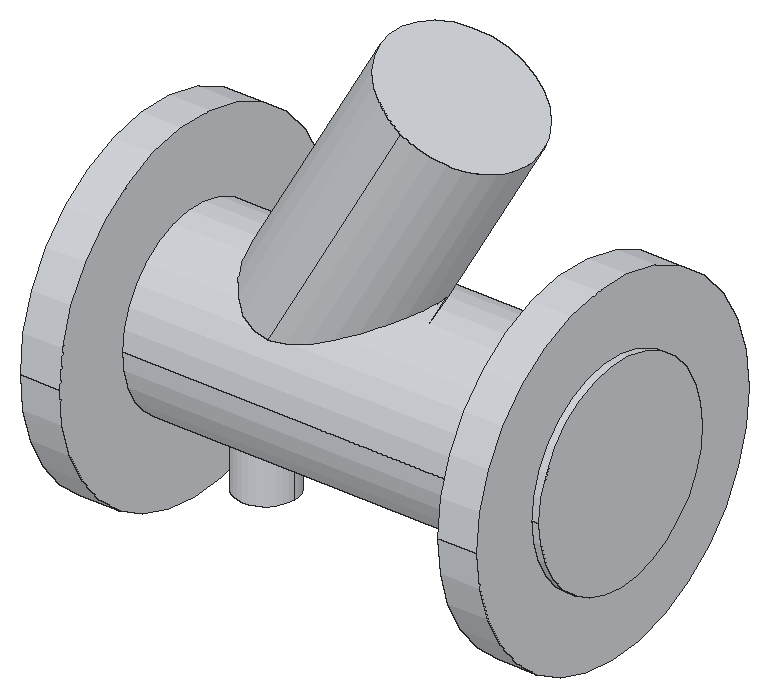
Revit family "HS 821-síto_standard-PN16-DN050-RFA_2018", category Pipe Accessories, Revit 2018
Family settings
  Round Connector Dimension = Use Diameter
  Part Type = Breaks Into
  Work Plane-Based = No
  Always vertical = Yes
  Cut with Voids When Loaded = No
  Shared = No
Parameters (values of type "821A-DN050-PN16-síto_standard")
  magiProductId = "8255d456a09e4f6486734f5dd9171b"
  magiProductFamilyId = "79214ac3aaa945e397802f559f5c1e"
  magiPartTypeId = 307
  isMeasuringValve [instance] = no
  ang2D [instance] = 0.00°
  ZB__ve = -ZB  # -26.75 mm
  ZB1 = 40.095 mm
  ZB = 26.75 mm
  X2 = 79.061 mm
  X1 = 32.2 mm
  W2D = 15 mm
  VersionID = "2.0/2017.9.26.1/ZETKAMA_821_001"
  Use Minimum Symbol Size [instance] = yes
  URL = "www.hydronix.cz"
  Type Comments = "Filtr přírubový; síto standardní; A-PN16 (-10~300°C); D-PN25 (-10~350°C); F-PN40 (-10~400°C)"
  S = 99 mm
  QmdConnectorList = "301;D;302;D"
  Productdata [instance] = ""
  Manufacturer = "Hydronix"
  MC Product Code = "200 150 (821A; DN050 PN16; kvs57,9; oko síta 1,00mm)"
  LM1 = 18.4 mm
  LM = 184 mm
  L4 = 57.5 mm
  L2D_Min = 3048 mm
  L2D = 130 mm
  L2 = 115 mm
  HH2 = 136.938 mm
  FD = 165 mm
  Description = "Filtr přírubový; síto standardní; 821A-PN16; 821D-PN25; 821F-PN40"
  DM1 = 73.8 mm
  DM = 89.1 mm
  D = 50 mm
  CC = 3.91 mm
  CAT0 = yes
  C1 = 19.09 mm
  C = 23 mm
  BD = 28.066 mm
Types (40, lengths in mm): name | magiProductId | ZB__ve | ZB1 | ZB | X2 | X1 | S | MC Product Code | LM1 | LM | L4 | L2 | HH2 | FD | DM1 | DM | D | CC | C1 | C | BD
  821A-DN015-PN16-síto_standard | "a71bcfe8b393460598b23e8ddf7dc5" | -16.25 | 18.63 | 16.25 | 46.982 | 18.2 | 46 | "200 115 (821A; DN015; PN16; kvs6,3; oko síta 1,00mm)" | 10.4 | 104 | 32.5 | 65 | 81.375 | 95 | 27.6 | 41.4 | 15 | 2.21 | 10.79 | 13 | 13.041
  821A-DN020-PN16-síto_standard | "41cd6c7a12924f4991217528336076" | -17.75 | 22.68 | 17.75 | 51.673 | 21 | 56 | "200 120 (821A; DN020; PN16; kvs11,2; oko síta 1,00mm)" | 12 | 120 | 37.5 | 75 | 89.5 | 105 | 33.6 | 50.4 | 20 | 2.55 | 12.45 | 15 | 15.876
  821A-DN025-PN16-síto_standard | "be378b463ed14c3abf4c9b3ae8cf3a" | -19.25 | 26.325 | 19.25 | 58.601 | 22.4 | 65 | "200 125 (821A; DN025; PN16; kvs14,7; oko síta 1,00mm)" | 12.8 | 128 | 40 | 80 | 101.5 | 115 | 43.2 | 58.5 | 25 | 2.72 | 13.28 | 16 | 18.427
  821A-DN032-PN16-síto_standard | "227a0d18b21540afabe8b6067d35fa" | -23 | 30.78 | 23 | 68.849 | 25.2 | 76 | "200 132 (821A; DN032; PN16; kvs23,7; oko síta 1,00mm)" | 14.4 | 144 | 45 | 90 | 119.25 | 140 | 50.4 | 68.4 | 32 | 3.06 | 14.94 | 18 | 21.546
  821A-DN040-PN16-síto_standard | "d106917c74724141a10440112d0102" | -24.5 | 34.02 | 24.5 | 75.777 | 28 | 84 | "200 140 (821A; DN040; PN16; kvs37,7; oko síta 1,00mm)" | 16 | 160 | 50 | 100 | 131.25 | 150 | 60 | 75.6 | 40 | 3.4 | 16.6 | 20 | 23.814
  821A-DN050-PN16-síto_standard | "8255d456a09e4f6486734f5dd9171b" | -26.75 | 40.095 | 26.75 | 79.061 | 32.2 | 99 | "200 150 (821A; DN050 PN16; kvs57,9; oko síta 1,00mm)" | 18.4 | 184 | 57.5 | 115 | 136.938 | 165 | 73.8 | 89.1 | 50 | 3.91 | 19.09 | 23 | 28.066
  821A-DN065-PN16-síto_standard | "235b1b3e4c0843779a4d5e3716d40a" | -29.75 | 47.79 | 29.75 | 86.927 | 40.6 | 118 | "200 165 (821A; DN065; PN16; kvs101,5; oko síta 1,25mm)" | 23.2 | 232 | 72.5 | 145 | 150.562 | 185 | 94.2 | 106.2 | 65 | 4.93 | 24.07 | 29 | 33.453
  821A-DN080-PN16-síto_standard | "a067f7c5236348ed8c820d16df7214" | -32 | 53.46 | 32 | 104.753 | 43.4 | 132 | "200 180 (821A; DN080; PN16; kvs147,4; oko síta 1,25mm)" | 24.8 | 248 | 77.5 | 155 | 181.438 | 200 | 107.4 | 118.8 | 80 | 5.27 | 25.73 | 31 | 37.422
  821A-DN100-PN16-síto_standard | "c49a648c2747461285837d643703cd" | -35 | 63.18 | 35 | 114.857 | 49 | 156 | "200 190 (821A; DN100; PN16; kvs209,6; oko síta 1,60mm)" | 28 | 280 | 87.5 | 175 | 198.937 | 220 | 131.4 | 140.4 | 100 | 5.95 | 29.05 | 35 | 44.226
  821A-DN125-PN16-síto_standard | "bf68e728a163493cbd2a663b26ebdc" | -39.5 | 74.52 | 39.5 | 131.888 | 56 | 184 | "200 191 (821A; DN125; PN16; kvs326,2; oko síta 1,60mm)" | 32 | 320 | 100 | 200 | 228.438 | 250 | 165 | 165.6 | 125 | 6.8 | 33.2 | 40 | 52.164
  821A-DN150-PN16-síto_standard | "2de770284b654863ae6bc865769dc5" | -44.75 | 85.455 | 44.75 | 155.885 | 67.2 | 211 | "200 192 (821A; DN150; PN16; kvs403; oko síta 1,60mm)" | 38.4 | 384 | 120 | 240 | 270 | 285 | 192 | 189.9 | 150 | 8.16 | 39.84 | 48 | 59.818
  821A-DN200-PN16-síto_standard | "8e5693371ab64aabb29a7f08c76e15" | -53 | 107.73 | 53 | 188.361 | 84 | 266 | "200 193 (821A; DN200; PN16; kvs707; oko síta 1,60mm)" | 48 | 480 | 150 | 300 | 326.25 | 340 | 252 | 239.4 | 200 | 10.2 | 49.8 | 60 | 75.411
  821A-DN250-PN16-síto_standard | "05e37ed948c34047acdd4c42556504" | -62.75 | 129.195 | 62.75 | 255.911 | 102.2 | 319 | "200 194 (821A; DN250; PN16; kvs1234; oko síta 1,60mm)" | 58.4 | 584 | 182.5 | 365 | 443.25 | 405 | 309.6 | 287.1 | 250 | 12.41 | 60.59 | 73 | 90.436
  821A-DN300-PN16-síto_standard | "9ad0af747269428da925480d83ce80" | -71 | 149.85 | 71 | 325.914 | 119 | 370 | "200 195 (821A; DN300; PN16; kvs1916; oko síta 1,60mm)" | 68 | 680 | 212.5 | 425 | 564.5 | 460 | 369.6 | 333 | 300 | 14.45 | 70.55 | 85 | 104.895
  821A-DN350-PN16-síto_standard | "eebc71459bb3451bb4355e7951370a" | -80 | 173.745 | 80 | 356.875 | 137.2 | 429 | "200 196 (821A; DN350; PN16; kvs2621; oko síta 1,60mm)" | 78.4 | 784 | 245 | 490 | 618.125 | 520 | 438 | 386.1 | 350 | 16.66 | 81.34 | 98 | 121.621
  821A-DN400-PN16-síto_standard | "d2f677cb196647e385b2590e7d8abe" | -89 | 194.4 | 89 | 392.237 | 154 | 480 | "200 197 (821A; DN400; PN16; kvs3460; oko síta 1,60mm)" | 88 | 880 | 275 | 550 | 679.375 | 580 | 498 | 432 | 400 | 18.7 | 91.3 | 110 | 136.08
  821D-DN015-PN25-síto_standard | "27ddcbf555414f8ca1fde329bf9087" | -16.25 | 18.63 | 16.25 | 46.982 | 18.2 | 46 | "200 215 (821D; DN015; PN25; kvs6,3; oko síta 1,00mm)" | 10.4 | 104 | 32.5 | 65 | 81.375 | 95 | 27.6 | 41.4 | 15 | 2.21 | 10.79 | 13 | 13.041
  821D-DN020-PN25-síto_standard | "270e0f14012f47189cd0235c18faee" | -17.75 | 22.68 | 17.75 | 51.673 | 21 | 56 | "200 220 (821D; DN020; PN25; kvs11,2; oko síta 1,00mm)" | 12 | 120 | 37.5 | 75 | 89.5 | 105 | 33.6 | 50.4 | 20 | 2.55 | 12.45 | 15 | 15.876
  821D-DN025-PN25-síto_standard | "b9a7fb4aa36643878c637d8e1ab992" | -19.25 | 26.325 | 19.25 | 58.601 | 22.4 | 65 | "200 225 (821D; DN025; PN25; kvs14,7; oko síta 1,00mm)" | 12.8 | 128 | 40 | 80 | 101.5 | 115 | 43.2 | 58.5 | 25 | 2.72 | 13.28 | 16 | 18.427
  821D-DN032-PN25-síto_standard | "6be9a55c4e68400f94eec7e804204c" | -23 | 30.78 | 23 | 68.849 | 25.2 | 76 | "200 232 (821D; DN032; PN25; kvs23,7; oko síta 1,00mm)" | 14.4 | 144 | 45 | 90 | 119.25 | 140 | 50.4 | 68.4 | 32 | 3.06 | 14.94 | 18 | 21.546
  821D-DN040-PN25-síto_standard | "c54511bd7f584ec2984291479612cb" | -24.5 | 34.02 | 24.5 | 75.777 | 28 | 84 | "200 240 (821D; DN040; PN25; kvs37,7; oko síta 1,00mm)" | 16 | 160 | 50 | 100 | 131.25 | 150 | 60 | 75.6 | 40 | 3.4 | 16.6 | 20 | 23.814
  821D-DN050-PN25-síto_standard | "5483b1f596b04cd39b23a14a22c90e" | -26.75 | 40.095 | 26.75 | 79.061 | 32.2 | 99 | "200 250 (821D; DN050; PN25; kvs57,9; oko síta 1,00mm)" | 18.4 | 184 | 57.5 | 115 | 136.938 | 165 | 73.8 | 89.1 | 50 | 3.91 | 19.09 | 23 | 28.066
  821D-DN065-PN25-síto_standard | "767b0f8318e94750bc7a9930ed5b30" | -29.75 | 47.79 | 29.75 | 86.927 | 40.6 | 118 | "200 265 (821D; DN065; PN25; kvs101,5; oko síta 1,25mm)" | 23.2 | 232 | 72.5 | 145 | 150.562 | 185 | 94.2 | 106.2 | 65 | 4.93 | 24.07 | 29 | 33.453
  821D-DN080-PN25-síto_standard | "e21040fa3cc2404b858198f6b73709" | -32 | 53.46 | 32 | 104.753 | 43.4 | 132 | "200 280 (821D; DN080; PN25; kvs147,4; oko síta 1,25mm)" | 24.8 | 248 | 77.5 | 155 | 181.438 | 200 | 107.4 | 118.8 | 80 | 5.27 | 25.73 | 31 | 37.422
  821D-DN100-PN25-síto_standard | "175ca87a506b40b3bc6b82f12f33cf" | -37.25 | 63.18 | 37.25 | 114.857 | 49 | 156 | "200 290 (821D; DN100; PN25; kvs209,6; oko síta 1,60mm)" | 28 | 280 | 87.5 | 175 | 198.937 | 235 | 131.4 | 140.4 | 100 | 5.95 | 29.05 | 35 | 44.226
  821D-DN125-PN25-síto_standard | "77cc98d60da24855999a22dff726b2" | -42.5 | 74.52 | 42.5 | 131.888 | 56 | 184 | "200 291 (821D; DN125; PN25; kvs326,2; oko síta 1,60mm)" | 32 | 320 | 100 | 200 | 228.438 | 270 | 165 | 165.6 | 125 | 6.8 | 33.2 | 40 | 52.164
  821D-DN150-PN25-síto_standard | "9cf8acfcd15547d68e83172d3abcbe" | -47 | 85.455 | 47 | 155.885 | 67.2 | 211 | "200 292 (821D; DN150; PN25; kvs403; oko síta 1,60mm)" | 38.4 | 384 | 120 | 240 | 270 | 300 | 192 | 189.9 | 150 | 8.16 | 39.84 | 48 | 59.818
  821D-DN200-PN25-síto_standard | "16973f3c9ea14389ba8602495a6b64" | -56 | 110.97 | 56 | 188.361 | 84 | 274 | "200 293 (821D; DN200; PN25; kvs707; oko síta 1,60mm)" | 48 | 480 | 150 | 300 | 326.25 | 360 | 252 | 246.6 | 200 | 10.2 | 49.8 | 60 | 77.679
  821F-DN015-PN40-síto_standard | "4c7eaf3c4c0340888b3e684d8a8616" | -16.25 | 18.225 | 16.25 | 46.982 | 18.2 | 45 | "240 615 (821F; DN015; PN40; kvs6,3; oko síta 1,00mm)" | 10.4 | 104 | 32.5 | 65 | 81.375 | 95 | 27.6 | 40.5 | 15 | 2.21 | 10.79 | 13 | 12.757
  821F-DN020-PN40-síto_standard | "aaac5f1ec96b44d6ba96ac2293d66d" | -17.75 | 23.49 | 17.75 | 51.673 | 21 | 58 | "240 620 (821F; DN020; PN40; kvs11,2; oko síta 1,00mm)" | 12 | 120 | 37.5 | 75 | 89.5 | 105 | 33.6 | 52.2 | 20 | 2.55 | 12.45 | 15 | 16.443
  821F-DN025-PN40-síto_standard | "504768023968471481789485b54c7e" | -19.25 | 27.54 | 19.25 | 58.601 | 22.4 | 68 | "240 625 (821F; DN025; PN40; kvs14,7; oko síta 1,00mm)" | 12.8 | 128 | 40 | 80 | 101.5 | 115 | 43.2 | 61.2 | 25 | 2.72 | 13.28 | 16 | 19.278
  821F-DN032-PN40-síto_standard | "165e7f39cf744f329bdf1c400dad12" | -23 | 31.59 | 23 | 68.849 | 25.2 | 78 | "240 632 (821F; DN032; PN40; kvs23,7; oko síta 1,00mm)" | 14.4 | 144 | 45 | 90 | 119.25 | 140 | 50.4 | 70.2 | 32 | 3.06 | 14.94 | 18 | 22.113
  821F-DN040-PN40-síto_standard | "b8903f952089408fbf3a5a632bab1f" | -24.5 | 35.64 | 24.5 | 75.777 | 28 | 88 | "240 640 (821F; DN040; PN40; kvs37,7; oko síta 1,00mm)" | 16 | 160 | 50 | 100 | 131.25 | 150 | 60 | 79.2 | 40 | 3.4 | 16.6 | 20 | 24.948
  821F-DN050-PN40-síto_standard | "c451f97266fe48da8f879cb6a2bd44" | -26.75 | 41.31 | 26.75 | 79.061 | 32.2 | 102 | "240 650 (821F; DN050; PN40; kvs57,9; oko síta 1,00mm)" | 18.4 | 184 | 57.5 | 115 | 136.938 | 165 | 73.8 | 91.8 | 50 | 3.91 | 19.09 | 23 | 28.917
  821F-DN065-PN40-síto_standard | "dc9821e3f9b34e128f6a8c6b34c198" | -29.75 | 49.41 | 29.75 | 86.927 | 40.6 | 122 | "240 665 (821F; DN065; PN40; kvs101,5; oko síta 1,25mm)" | 23.2 | 232 | 72.5 | 145 | 150.562 | 185 | 94.2 | 109.8 | 65 | 4.93 | 24.07 | 29 | 34.587
  821F-DN080-PN40-síto_standard | "689aa1e260f84cf4994f027a1d86b5" | -32 | 55.89 | 32 | 104.753 | 43.4 | 138 | "240 680 (821F; DN080; PN40; kvs147,4; oko síta 1,25mm)" | 24.8 | 248 | 77.5 | 155 | 181.438 | 200 | 107.4 | 124.2 | 80 | 5.27 | 25.73 | 31 | 39.123
  821F-DN100-PN40-síto_standard | "8a45d4e8e2ab425f8c432f21d684f3" | -37.25 | 65.61 | 37.25 | 114.857 | 49 | 162 | "240 690 (821F; DN100; PN40; kvs209,6; oko síta 1,6mm)" | 28 | 280 | 87.5 | 175 | 198.937 | 235 | 131.4 | 145.8 | 100 | 5.95 | 29.05 | 35 | 45.927
  821F-DN125-PN40-síto_standard | "cf073904c006406b8645afa67ea2fc" | -42.5 | 76.14 | 42.5 | 131.888 | 56 | 188 | "240 691 (821F; DN125; PN40; kvs326,2; oko síta 1,6mm)" | 32 | 320 | 100 | 200 | 228.438 | 270 | 165 | 169.2 | 125 | 6.8 | 33.2 | 40 | 53.298
  821F-DN150-PN40-síto_standard | "0153b9ddabe14992a630484929fdbc" | -47 | 88.29 | 47 | 155.885 | 67.2 | 218 | "240 692 (821F; DN150; PN40; kvs403; oko síta 1,6mm)" | 38.4 | 384 | 120 | 240 | 270 | 300 | 192 | 196.2 | 150 | 8.16 | 39.84 | 48 | 61.803
  821F-DN200-PN40-síto_standard | "7fb3fc01dd8d42428c203e3f8dd4d5" | -56 | 115.425 | 56 | 188.361 | 84 | 285 | "240 693 (821F; DN200; PN40; kvs707; oko síta 1,6mm)" | 48 | 480 | 150 | 300 | 326.25 | 360 | 252 | 256.5 | 200 | 10.2 | 49.8 | 60 | 80.797
Reference planes
  plane 1 "Center (Front/Back)": y = 0
  plane 2 "XYPLANE": z = 0
  plane 3 "Center (Left/Right)": x = 0
  plane 4 "109": x = -73.6
  plane 5 "108": x = 92
  plane 6 "107": x = -92
  plane 7 "105": x = 115
  plane 8 "104": x = -115
  plane 9 "103": y = 0
  plane 10 "102": z = 0
  plane 11 "101": x = -111.09
  plane 12 "100": x = 111.09
  plane 13 "11": x = -41.4
  plane 14 "10": z = 136.938
  plane 15 "9": x = 37.661
  plane 16 "5": z = -40.095
  plane 17 "4": x = -57.5
  plane 18 "1": x = 57.5
Forms (mm)
  Extrusion 1, solid, visible <- "CAT0"
    sketch origin (-92, -750, 0) x (0, 1, 0) y (0, 0, 1)
      loop
        circle (750, 0) r 44.55
    from 0 to 184 <- "LM"
  Extrusion 2, solid
    sketch origin (-115, -750, 0) x (0, 1, 0) y (0, 0, 1)
      loop
        circle (750, 0) r 49.5
    from 0 to 3.91 <- "CC"
  Extrusion 3, solid
    sketch origin (-111.09, -750, 0) x (0, 1, 0) y (0, 0, 1)
      loop
        circle (750, 0) r 82.5
    from 0 to 19.09 <- "C1"
  Extrusion 4, solid
    sketch origin (92, -750, 0) x (0, 1, 0) y (0, 0, 1)
      loop
        circle (750, 0) r 82.5
    from 0 to 19.09 <- "C1"
  Extrusion 5, solid
    sketch origin (111.09, -750, 0) x (0, 1, 0) y (0, 0, 1)
      loop
        circle (750, 0) r 49.5
    from 0 to 3.91 <- "CC"
  Sweep 6, solid, visible <- "CAT0"
    path origin (750, 0, 0) x (-1, 0, 0) y (0, 0, 1)
      loop
        line (842, 0) -> (791.4, 0) -> (712.339, 136.938)
    profile origin (-92, 0, 0) x (0, 0, -1) y (0, 1, 0)
      loop
        circle (0, 0) r 36.9
  Extrusion 7, solid, visible <- "CAT0"
    sketch origin (-750, 0, -40.095) x (1, 0, 0) y (0, 1, 0)
      loop
        circle (692.5, 0) r 14.033
    from 0 to -26.75 <- "ZB__ve"
  Extrusion 8, solid, visible <- "CAT0"
    sketch origin (-750, 0, -40.095) x (1, 0, 0) y (0, 1, 0)
      loop
        circle (807.5, 0) r 14.033
    from 0 to -26.75 <- "ZB__ve"
  Extrusion 9, solid, not visible
    sketch origin (115, -750, 0) x (0, 1, 0) y (0, 0, 1)
      loop
        circle (750, 0) r 10
    from 0 to -10
  Extrusion 10, solid, not visible
    sketch origin (-115, -750, 0) x (0, 1, 0) y (0, 0, 1)
      loop
        circle (750, 0) r 10
    from 0 to 10
Lines and regions (mm)
  reference lines, not visible
    curve 1: circle (2, 2, 0) r 1 normal (0, 0, 1)
Dimensions and locks
  plane 1 "Center (Front/Back)" to curve 1 = 2 mm
  "LM1": plane 6 "107" to plane 4 "109"
  "LM": plane 6 "107" to plane 5 "108"
  "C": plane 8 "104" to plane 6 "107"
  "L2": plane 3 "Center (Left/Right)" to plane 7 "105"
  "L2": plane 3 "Center (Left/Right)" to plane 8 "104"
  locked: plane 1 "Center (Front/Back)" to plane 9 "103"
  locked: plane 2 "XYPLANE" to plane 10 "102"
  "CC": plane 8 "104" to plane 11 "101"
  "C1": plane 5 "108" to plane 12 "100"
  "X1": plane 4 "109" to plane 13 "11"
  "HH2": plane 2 "XYPLANE" to plane 14 "10"
  "X2": plane 13 "11" to plane 15 "9"
  "ZB1": plane 2 "XYPLANE" to plane 16 "5"
  "L4": plane 8 "104" to plane 17 "4"
  "L2": plane 17 "4" to plane 18 "1"
  Sweep 6 sketch curve to Sweep 6 sketch curve = 0 mm  (x2)
  "DM": diameter of Extrusion 1 sketch curve
  "S": diameter of Extrusion 2 sketch curve
  "FD": diameter of Extrusion 3 sketch curve
  "FD": diameter of Extrusion 4 sketch curve
  "S": diameter of Extrusion 5 sketch curve
  "DM1": diameter of Sweep 6 sketch curve
  "BD": diameter of Extrusion 7 sketch curve
  "BD": diameter of Extrusion 8 sketch curve
  aligned and locked: level to plane 2 "XYPLANE"
  aligned and locked: Extrusion 1 sketch curve to plane 9 "103"
  aligned and locked: plane 10 "102" to Extrusion 1 sketch curve
  aligned and locked: Extrusion 2 sketch curve to plane 9 "103"
  aligned and locked: plane 10 "102" to Extrusion 2 sketch curve
  aligned and locked: Extrusion 3 sketch curve to plane 9 "103"
  aligned and locked: plane 10 "102" to Extrusion 3 sketch curve
  aligned and locked: Extrusion 4 sketch curve to plane 9 "103"
  aligned and locked: plane 10 "102" to Extrusion 4 sketch curve
  aligned and locked: Extrusion 5 sketch curve to plane 9 "103"
  aligned and locked: plane 10 "102" to Extrusion 5 sketch curve
  aligned and locked: Sweep 6 sketch curve to plane 9 "103"
  aligned and locked: plane 10 "102" to Sweep 6 sketch curve  (x3)
  aligned and locked: plane 6 "107" to Sweep 6 sketch curve
  aligned and locked: plane 13 "11" to Sweep 6 sketch curve
  aligned and locked: plane 14 "10" to Sweep 6 sketch curve
  aligned and locked: plane 15 "9" to Sweep 6 sketch curve
  aligned and locked: plane 9 "103" to Extrusion 7 sketch curve
  aligned and locked: plane 17 "4" to Extrusion 7 sketch curve
  aligned and locked: plane 9 "103" to Extrusion 8 sketch curve
  aligned and locked: plane 18 "1" to Extrusion 8 sketch curve
  aligned and locked: Extrusion 9 sketch curve to plane 9 "103"
  aligned and locked: plane 10 "102" to Extrusion 9 sketch curve
  aligned and locked: Extrusion 10 sketch curve to plane 9 "103"
  aligned and locked: plane 10 "102" to Extrusion 10 sketch curve
Automatic sketch dimensions
  plane 1 "Center (Front/Back)" to Extrusion 9 sketch curve = 10 mm
  plane 1 "Center (Front/Back)" to Extrusion 10 sketch curve = 10 mm
  plane 3 "Center (Left/Right)" to curve 1 = 2 mm
  radius of curve 1 = 1 mm
Connectors
  piping at (-115, 0, 0), diameter 50, driven by "D"
    settings: on Extrusion 10, index 1, connector inside diameter 609.6 mm, connector length 0 mm, flow factor 0, pipe flow 0.0 L/s, pressure drop 0.0 Pa, fitting loss kfactor 0, connector angle 0.00°, fixture units 0, engagement length 0 mm, angle of deflection 0.00°, flow configuration 0, flow direction 0, fitting loss method 0, system type 29, joint type 0, gender type 0, connector reference index 2, connector utility 0, adjustable connector no, is connector primary yes, connector description ""
  piping at (115, 0, 0), diameter 50, driven by "D"
    settings: on Extrusion 9, index 2, connector inside diameter 609.6 mm, connector length 0 mm, flow factor 0, pipe flow 0.0 L/s, pressure drop 0.0 Pa, fitting loss kfactor 0, connector angle 0.00°, fixture units 0, engagement length 0 mm, angle of deflection 0.00°, flow configuration 0, flow direction 0, fitting loss method 0, system type 29, joint type 0, gender type 0, connector reference index 1, connector utility 0, adjustable connector no, is connector primary no, connector description ""
